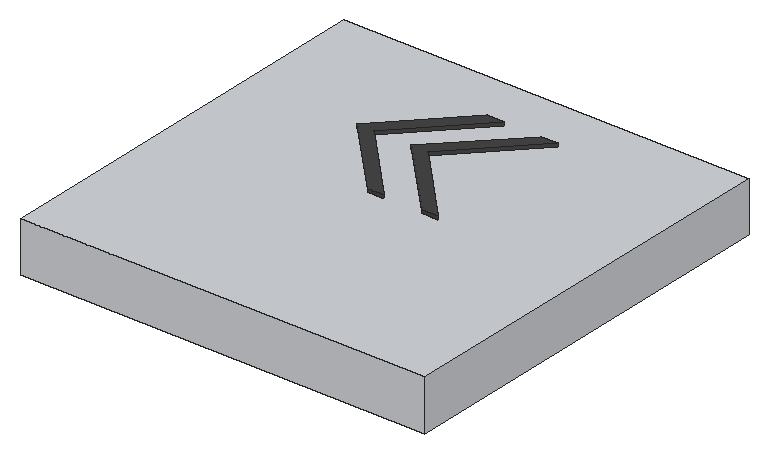
Revit family "25.7.15坡道箭头阵列排序", category 常规模型, Revit 2020
Family settings
  主体 = 面
  可将钢筋附着到主体 = 否
  圆形连接件大小 = 使用直径
  零件类型 = 标准
  加载时剪切的空心 = 否
  共享 = 否
  房间计算点 = 否
Parameters
  Default Elevation = 1219.2 mm
Reference planes
  plane 1 "中心(前/后)": y = 0
  plane 2: z = 0
  plane 3 "中心(左/右)": x = 0
Forms (mm)
  Extrusion 1, solid
    sketch origin (0, 0, 0) x (1, 0, 0) y (0, 1, 0)
      loop
        line (-1219.2, 1219.2) -> (-1219.2, -1219.2) -> (1219.2, -1219.2) -> (1219.2, 1219.2) -> (-1219.2, 1219.2)
    from 0 to -304.8
  Extrusion 2, solid, material "A-黑色"
    sketch origin (0, 0, 0) x (1, 0, 0) y (0, 1, 0)
      loop
        line (-100, 900) -> (-525, 450) -> (-100, 0) -> (0, 0) -> (-425, 450) -> (0, 900) -> (-100, 900)
      loop
        line (225, 900) -> (-200, 450) -> (225, 0) -> (325, 0) -> (-100, 450) -> (325, 900) -> (225, 900)
    from 0 to 20
Dimensions and locks
  aligned and locked: plane 2 to Extrusion 1
  aligned and locked: level to Extrusion 1
